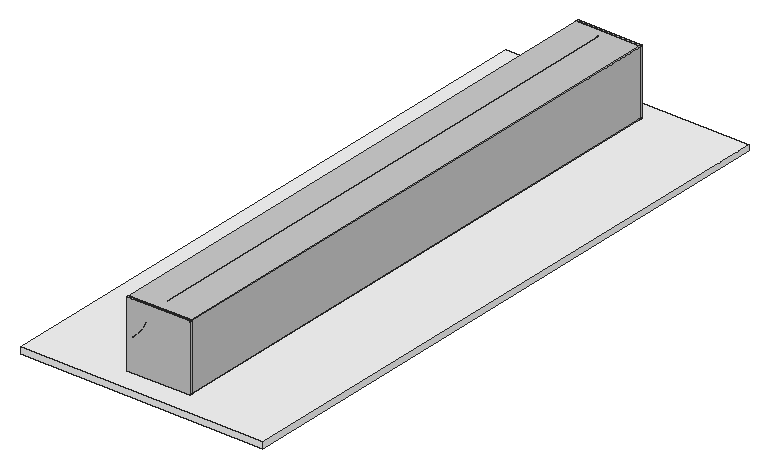
Revit family "BE_24586_de_DE", category Leuchten, Revit 2020
Family settings
  Basisbauteil = Fläche
  Bemaßung runder Anschluss = Durchmesser verwenden
  Teiletyp = Normal
  Beim Laden mit Abzugskörper schneiden = Ja
  Lichtquelle = Ja
  Gemeinsam genutzt = Nein
  Raumberechnungspunkt = Ja
Parameters (values of type "BEGA_24586_Silber_K4")
  built-in parameter 1150104 = 16.579 (stored number, unit not read)
  Wattage = 39 W
  Default Elevation = 0 mm
  built-in parameter 1150113 = 1 (stored number, unit not read)
  built-in parameter 1114218 = 1 (stored number, unit not read)
  Umgebungstemperatur = "25 °C"
  URL = "https://www.bega.com/de/produkt/24586"
  Typenkommentare = "© 2022 BEGA. Wir behalten uns das Recht vor, technische Änderungen ohne vorherige Ankündigung vorzunehmen."  # constant formula
  built-in parameter 1150134 = 12
  built-in parameter 1150109 = 1 (stored number, unit not read)
  Strom = ""
  built-in parameter 1150110 = 1 (stored number, unit not read)
  Spannung = 239.996 V
  Sonderanfertigung = no
  Seriennummer [instance] = "Hier können Sie die eindeutige Seriennummer für das Facility Management eintragen."
  Schutzklasse = "I"
  Schutzart = "IP 65"
  Scheinlast = 0 VA
  Produktdatenblatt = "https://cdn.bega.com/bega/products/24586K3/current/documents/data-sheets/de"
  Oberflächentemperatur = ""
  Neigungswinkel = 0.00°
  Modell = "24586AK4"
  Material_17 = BEGA_Reflektor
  Material_15 = BEGA_Leuchtmedium_matt
  Material_09 = BEGA_Glas_klar
  Material_06 = BEGA_Oberfläche_Edelstahl_gebürstet
  Material_05 = BEGA_Oberfläche_Aluminium Guss
  Material_02 = BEGA_Oberfläche_Silber_matt
  Material_01 [instance] = BEGA_Oberfläche_Grafit_matt
  M_W = no
  M_G = no
  M_A = yes
  Logo = 0
  built-in parameter 1114217 = 1 (stored number, unit not read)
  built-in parameter 1150139 = (empty or 0)
  built-in parameter 1150105 = 553.85 (stored number, unit not read)
  built-in parameter 1150114 = 1 (stored number, unit not read)
  Lumens = 6959.94 lm
  built-in parameter 1150115 = 1 (stored number, unit not read)
  Leuchtenlichtstrom = "3564 lm"
  Leuchtenanzahl = ""
  Lebensdauerkriterien = "L70B50 @ 25 °C = 200000 h"
  Lastklassifizierung = Beleuchtung
  built-in parameter 1150112 = 1 (stored number, unit not read)
  Lampenlichtstrom = "6960 lm"
  Lampe = "LED 34.8 W"
  LED_Modulbezeichnung = "3x LED-1204/840"
  built-in parameter 1150142 = (empty or 0)
  Hersteller = "BEGA"  # constant formula
  Halbstreuwinkel = ""
  Gewicht = "8.6 kg"
  Gebrauchslageneinschränkung [instance] = ""
  Frequenz = "0/50-60 Hz"
  Farbwiedergabeindex = "CRI > 80"
  Farbtemperaturverschiebung bei Dämpfen der Lampe = <Keine Auswahl>
  Farbtemperatur = "4000 K"
  Color Filter = 16777215
  built-in parameter 1150133 = 10 (stored number, unit not read)
  Energieeffizienzklasse = "LED A++ - A"
  built-in parameter 1150137 = (empty or 0)
  built-in parameter 1150132 = (empty or 0)
  ENEC = ""
  Dimmbar [instance] = "DALI"
  Datei für fotometrisches Netz = "BE_24586K4.IES"
  CE_Konformität = "ja"
  Bestellnummer = "24586AK4"
  Beschreibung_Sonderanfertigung = "Hier können Sie Informationen zur Sonderanfertigung eintragen."
  Beschreibung = "Wandleuchte"
  built-in parameter 1150106 = 5.5385 (stored number, unit not read)
  Befestigungsbohrung = "Ø 7 mm"
  Befestigungsabstand = "850 mm"
  BEGA_Intern_aus = yes
  BEGA_Intern_an = yes
  BEGA_Intern_Konstruktion = yes
  BEGA_Intern = yes
  BEGA_IES = yes
  BEGA_Dummy = no
  Anschlussleitung = ""
  Anschlussleistung [instance] = "39 W"
  Anschlusskasten = ""
  built-in parameter 1150107 = 4000 (stored number, unit not read)
  built-in parameter 1150102 = (empty or 0)
  built-in parameter 1150138 = (empty or 0)
  Aktualisierung = "2022-05-18T04:00:07"
  Abstand_zur_angestrahlten_Fläche [instance] = ""
  AC/DC = "AC/DC"
Types (4, lengths in mm): name | built-in parameter 1150104 | built-in parameter 1150134 | Modell | M_G | M_A | built-in parameter 1150105 | Lumens | Leuchtenlichtstrom | Lampenlichtstrom | LED_Modulbezeichnung | Farbtemperatur | Datei für fotometrisches Netz | Bestellnummer | built-in parameter 1150106 | built-in parameter 1150107
  BEGA_24586_Grafit_K4 | 16.579 (stored number, unit not read) | 12 | "24586K4" | yes | no | 553.85 (stored number, unit not read) | 6959.94 lm | "3564 lm" | "6960 lm" | "3x LED-1204/840" | "4000 K" | "BE_24586K4.IES" | "24586K4" | 5.5385 (stored number, unit not read) | 4000 (stored number, unit not read)
  BEGA_24586_Grafit_K3 | 16.115 (stored number, unit not read) | (empty or 0) | "24586K3" | yes | no | 538.34 (stored number, unit not read) | 6764.94 lm | "3464 lm" | "6765 lm" | "3x LED-1204/830" | "3000 K" | "BE_24586K3.IES" | "24586K3" | 5.3834 (stored number, unit not read) | 3000 (stored number, unit not read)
  BEGA_24586_Silber_K3 | 16.115 (stored number, unit not read) | (empty or 0) | "24586AK3" | no | yes | 538.34 (stored number, unit not read) | 6764.94 lm | "3464 lm" | "6765 lm" | "3x LED-1204/830" | "3000 K" | "BE_24586K3.IES" | "24586AK3" | 5.3834 (stored number, unit not read) | 3000 (stored number, unit not read)
  BEGA_24586_Silber_K4 | 16.579 (stored number, unit not read) | 12 | "24586AK4" | no | yes | 553.85 (stored number, unit not read) | 6959.94 lm | "3564 lm" | "6960 lm" | "3x LED-1204/840" | "4000 K" | "BE_24586K4.IES" | "24586AK4" | 5.5385 (stored number, unit not read) | 4000 (stored number, unit not read)
Reference planes
  plane 1 "Mitte (Vorne/Hinten)": y = 0
  plane 2: z = 0
  plane 3 "Mitte (Links/Rechts)": x = 0
  plane 4 "Links": x = -52.5
  plane 5 "Rechts": x = 52.5
  plane 6 "Unten": y = -465.2
  plane 7 "Oben": y = 465
  plane 8 "Vorne": z = 110.782
  plane 9 "Hinten": z = 0
Forms (mm)
  Extrusion 1, solid, material "BEGA_Platte_Weiss"
    sketch origin (0, -1119.2, 0) x (1, 0, 0) y (0, 1, 0)
      loop
        line (-200, 1619.2) -> (-200, 619.2) -> (200, 619.2) -> (200, 1619.2) -> (-200, 1619.2)
    from 0 to -10
  Extrusion 2, solid, material "BEGA_Dummy_matt", visible <- "BEGA_Dummy"
    sketch origin (80.095, -76.023, 0) x (1, 0, 0) y (0, 1, 0)
      loop
        line (-132.595, 541.15) -> (-132.595, -389.177) -> (-27.595, -389.177) -> (-27.595, 541.15) -> (-132.595, 541.15)
    from 0 to 110.782
Dimensions and locks
  plane 1 "Mitte (Vorne/Hinten)" to Extrusion 1 = 500 mm
  aligned and locked: plane 2 to Extrusion 1
  aligned and locked: level to Extrusion 1
Nested families
  nested 1: "BE_24586" at (0, 0, 0), type "BE_24586"
Connectors
  electrical at (0, 0, 0), driven by "Lastklassifizierung", driven by "Spannung", driven by "Scheinlast"
    settings: index 1, voltage 239.996 V, apparent load 0 VA, apparent load phase1 0 VA, apparent load phase2 0 VA, apparent load phase3 0 VA, power factor 1, load classification "Beleuchtung", number of poles 1, system type 31, power factor state 1, is connector primary yes, connector utility no, sub classification motor no, connector description ""
Definition of nested family "BE_24586"
  Parameters (values of type "BE_24586")
    Default Elevation = 1 mm
    URL = "http://www.bega.de/de/produkt"
    Type Comments = "© 2015 BEGA. Wir behalten uns das Recht vor, technische Änderungen ohne vorherige Ankündigung vorzunehmen. "  # constant formula
    Type Image = (empty or 0)
    Material_17 = none
    Material_15 = none
    Material_09 = none
    Material_06 = none
    Material_05 = none
    Material_02 = none
    Material_01 = none
    M_W = yes
    M_G = yes
    M_A = yes
    Länge_Platte = 200 mm  # constant formula
    Höhe_Platte = -10 mm  # constant formula
    Manufacturer = "BEGA"  # constant formula
    Breite_Platte = 1000 mm  # constant formula
  Reference planes
    plane 1 "Mitte (Oben/Unten)": y = 0
    plane 2: z = 0
    plane 3 "Mitte (Links/Rechts)": x = 0
    plane 4: x = -52.4
    plane 5: x = 52.5
    plane 6: z = 110.782
    plane 7: y = -465.2
    plane 8: y = 465.127
  Forms (mm)
    Extrusion 1, solid, detail levels medium
      sketch origin (0, 0, 0) x (1, 0, 0) y (0, 1, 0)
        loop
          line (-100, 500) -> (-100, -500) -> (100, -500) -> (100, 500) -> (-100, 500)
      from 0 to -10 <- "Höhe_Platte"
    Extrusion 2, solid, material <- "Material_01", visible <- "M_G"
      sketch origin (0, 0, 0) x (1, 0, 0) y (0, 0, 1)
        loop
          arc (-51.5, 110.782) -> (-52.207, 110.489) -> (-52.5, 109.782) r 1
          line (-52.5, 109.782) -> (-52.5, 97.782) -> (-52.5, 48.382) -> (-52.5, 2.782)
          arc (-52.5, 2.782) -> (-52.207, 2.074) -> (-51.5, 1.782) r 1
          line (-51.5, 1.782) -> (-33.514, 1.782) -> (-33.18, 11.348)
          arc (-33.18, 11.348) -> (-31.659, 14.776) -> (-28.183, 16.182) r 5
          line (-28.183, 16.182) -> (28.183, 16.182)
          arc (28.183, 16.182) -> (31.659, 14.776) -> (33.18, 11.348) r 5
          line (33.18, 11.348) -> (33.514, 1.782) -> (51.5, 1.782)
          arc (51.5, 1.782) -> (52.207, 2.074) -> (52.5, 2.782) r 1
          line (52.5, 2.782) -> (52.5, 109.782)
          arc (52.5, 109.782) -> (52.207, 110.489) -> (51.5, 110.782) r 1
          line (51.5, 110.782) -> (-51.5, 110.782)
        loop
          line (-46.5, 49.782) -> (-42.5, 49.782) -> (-12.495, 49.782) -> (-12.495, 103.782) -> (-46.5, 103.782) -> (-46.5, 49.782)
      from -462.001 to 462.001
    Extrusion 3, solid, material <- "Material_01"
      sketch origin (0, 0, 0) x (1, 0, 0) y (0, 0, 1)
        loop
          line (-28.204, 4.046) -> (-24.895, 0.737)
          arc (-24.895, 0.737) -> (-24.083, 0.192) -> (-23.123, 0) r 2.5
          line (-23.123, 0) -> (23.394, 0)
          arc (23.394, 0) -> (24.354, 0.192) -> (25.166, 0.737) r 2.5
          line (25.166, 0.737) -> (28.476, 4.046)
          arc (28.476, 4.046) -> (28.768, 4.753) -> (28.476, 5.46) r 1
          line (28.476, 5.46) -> (26.436, 7.5) -> (28.476, 9.54)
          arc (28.476, 9.54) -> (28.768, 10.247) -> (28.476, 10.954) r 1
          line (28.476, 10.954) -> (27.773, 11.657)
          arc (27.773, 11.657) -> (27.068, 11.954) -> (26.359, 11.666) r 1
          line (26.359, 11.666) -> (24.372, 9.679)
          arc (24.372, 9.679) -> (23.827, 8.867) -> (23.636, 7.907) r 2.5
          line (23.636, 7.907) -> (23.636, 3.8)
          arc (23.636, 3.8) -> (23.343, 3.093) -> (22.636, 2.8) r 1
          line (22.636, 2.8) -> (15.136, 2.8) -> (-22.364, 2.8)
          arc (-22.364, 2.8) -> (-23.072, 3.093) -> (-23.364, 3.8) r 1
          line (-23.364, 3.8) -> (-23.364, 7.907)
          arc (-23.364, 7.907) -> (-23.555, 8.864) -> (-24.097, 9.675) r 2.5
          line (-24.097, 9.675) -> (-26.088, 11.666)
          arc (-26.088, 11.666) -> (-26.793, 11.954) -> (-27.497, 11.661) r 1
          line (-27.497, 11.661) -> (-28.204, 10.954)
          arc (-28.204, 10.954) -> (-28.497, 10.25) -> (-28.209, 9.544) r 1
          line (-28.209, 9.544) -> (-26.164, 7.5) -> (-28.209, 5.456)
          arc (-28.209, 5.456) -> (-28.497, 4.75) -> (-28.204, 4.046) r 1
      from -455 to 455
    Extrusion 4, void
      sketch origin (0, 0, 0) x (1, 0, 0) y (0, 1, 0)
        loop
          arc (15, 100) -> (0, 115) -> (-15, 100) r 15
          line (-15, 100) -> (-15, -100)
          arc (-15, -100) -> (0, -115) -> (15, -100) r 15
          line (15, -100) -> (15, 100)
        loop
          arc (3.5, -420) -> (0, -416.5) -> (-3.5, -420) r 3.5
          line (-3.5, -420) -> (-3.5, -430)
          arc (-3.5, -430) -> (0, -433.5) -> (3.5, -430) r 3.5
          line (3.5, -430) -> (3.5, -420)
        loop
          line (-5, 421.5) -> (5, 421.5)
          arc (5, 421.5) -> (8.5, 425) -> (5, 428.5) r 3.5
          line (5, 428.5) -> (-5, 428.5)
          arc (-5, 428.5) -> (-8.5, 425) -> (-5, 421.5) r 3.5
      from 0 to 2.8
    Extrusion 5, solid, material <- "Material_09"
      sketch origin (0, 0, 0) x (1, 0, 0) y (0, 0, 1)
        loop
          line (-52.4, 95.782) -> (-52.4, 50.282) -> (-48.4, 50.282) -> (-48.4, 95.782) -> (-52.4, 95.782)
      from -450.614 to 450
    Blend 6, void
      base sketch origin (0, 0, 0) x (0, 1, 0) y (0, 0, 1)
        loop
          line (-452, 97.782) -> (-452, 48.382) -> (452, 48.382) -> (452, 97.782) -> (-452, 97.782)
      top sketch origin (0, 0, 0) x (0, 1, 0) y (0, 0, 1)
        loop
          line (450.614, 96.398) -> (-450.614, 96.398) -> (-450.614, 49.765) -> (450.614, 49.765) -> (450.614, 96.398)
      from -52.5 to -48.2
    Extrusion 7, void
      sketch origin (0, 0, 0) x (0, 1, 0) y (0, 0, 1)
        loop
          line (452.001, 93.398) -> (-443.75, 93.398) -> (-443.75, 52.765) -> (452.001, 52.765) -> (452.001, 93.398)
      from -48.2 to -46.5
    Extrusion 8, solid, material <- "Material_01", visible <- "M_G"
      sketch origin (0, 0, 0) x (1, 0, 0) y (0, 0, 1)
        loop
          line (51.5, 110.782) -> (-51.5, 110.782)
          arc (-51.5, 110.782) -> (-52.207, 110.489) -> (-52.5, 109.782) r 1
          line (-52.5, 109.782) -> (-52.5, 2.782)
          arc (-52.5, 2.782) -> (-52.207, 2.074) -> (-51.5, 1.782) r 1
          line (-51.5, 1.782) -> (51.5, 1.782)
          arc (51.5, 1.782) -> (52.207, 2.074) -> (52.5, 2.782) r 1
          line (52.5, 2.782) -> (52.5, 109.782)
          arc (52.5, 109.782) -> (52.207, 110.489) -> (51.5, 110.782) r 1
      from 462.001 to 465.2
    Extrusion 9, solid, material <- "Material_01", visible <- "M_G"
      sketch origin (0, 0, 0) x (1, 0, 0) y (0, 0, -1)
        loop
          arc (51.5, -110.782) -> (52.207, -110.489) -> (52.5, -109.782) r 1
          line (52.5, -109.782) -> (52.5, -2.782)
          arc (52.5, -2.782) -> (52.207, -2.074) -> (51.5, -1.782) r 1
          line (51.5, -1.782) -> (-51.5, -1.782)
          arc (-51.5, -1.782) -> (-52.207, -2.074) -> (-52.5, -2.782) r 1
          line (-52.5, -2.782) -> (-52.5, -109.782)
          arc (-52.5, -109.782) -> (-52.207, -110.489) -> (-51.5, -110.782) r 1
          line (-51.5, -110.782) -> (51.5, -110.782)
      from 462.001 to 465.127
    Extrusion 10, solid, material <- "Material_17"
      sketch origin (0, 0, 0) x (1, 0, 0) y (0, 0, 1)
        loop
          arc (-45.129, 52.146) -> (-26.285, 73.475) -> (-15.992, 100.01) r 80.903
          line (-15.992, 100.01) -> (-16.325, 100.876)
          arc (-16.325, 100.876) -> (-26.687, 73.809) -> (-45.942, 52.146) r 80.724
          line (-45.942, 52.146) -> (-45.129, 52.146)
      from -462.001 to 462.001
    Extrusion 11, solid, material <- "Material_15"
      sketch origin (-0.351, 0, -0.128) x (1, 0, 0) y (0, 0, 1)
        loop
          line (-24.18, 98.662) -> (-24.71, 100.119) -> (-43.034, 93.45) -> (-42.504, 91.993) -> (-24.18, 98.662)
      from 156.699 to 455
    Extrusion 12, solid, material <- "Material_05"
      sketch origin (0, 0, 0) x (1, 0, 0) y (0, 0, 1)
        loop
          arc (-41.911, 81.62) -> (-41.653, 81.338) -> (-41.27, 81.321) r 0.5
          line (-41.27, 81.321) -> (-39.863, 81.833)
          arc (-39.863, 81.833) -> (-39.579, 82.092) -> (-39.562, 82.475) r 0.5
          line (-39.562, 82.475) -> (-43.495, 93.282) -> (-22.34, 100.982) -> (-18.295, 100.982) -> (-18.295, 99.282)
          arc (-18.295, 99.282) -> (-17.925, 98.799) -> (-17.362, 99.032) r 0.5
          line (-17.362, 99.032) -> (-16.755, 100.084)
          arc (-16.755, 100.084) -> (-16.666, 100.617) -> (-16.145, 100.759) r 0.5
          arc (-16.145, 100.759) -> (-15.7, 100.685) -> (-15.495, 100.282) r 0.5
          line (-15.495, 100.282) -> (-15.495, 103.782) -> (-43.545, 103.782) -> (-43.545, 96.982)
          arc (-43.545, 96.982) -> (-43.892, 96.224) -> (-44.696, 95.971) r 1
          arc (-44.696, 95.971) -> (-45.497, 95.739) -> (-45.845, 94.982) r 1
          line (-45.845, 94.982) -> (-45.845, 92.427) -> (-41.911, 81.62)
      from -462.001 to 462.001
    Extrusion 13, void
      sketch origin (0, 0, 0) x (0, 1, 0) y (0, 0, 1)
        loop
          circle (439, 7.182) r 2.75
        loop
          circle (-439, 7.182) r 2.75
      from -52.5 to -32.811
    Revolve 14, solid, material <- "Material_06"
      sketch origin (0, -439, 0) x (1, 0, 0) y (0, 0, 1)
        loop
          line (-45, 7.182) -> (-26.5, 7.182) -> (-29.5, 10.182) -> (-45, 10.182) -> (-45, 7.182)
        axis (-26.5, 7.182) -> (-45, 7.182)
      angle from 0 to 360
    Revolve 15, solid, material <- "Material_06"
      sketch origin (0, 439, 0) x (1, 0, 0) y (0, 0, -1)
        loop
          line (-45, -7.182) -> (-45, -10.182) -> (-29.5, -10.182) -> (-26.5, -7.182) -> (-45, -7.182)
        axis (-26.5, -7.182) -> (-45, -7.182)
      angle from 0 to 360
    Extrusion 16, solid, material <- "Material_01"
      sketch origin (0, 0, 0) x (0, 1, 0) y (0, 0, 1)
        loop
          line (450.614, 95.782) -> (-450, 95.782) -> (-450, 50.282) -> (450.614, 50.282) -> (450.614, 95.782)
        loop
          line (-445.5, 54.782) -> (446.114, 54.782) -> (446.114, 91.282) -> (-445.5, 91.282) -> (-445.5, 54.782)
      from -48.4 to -47.909
    Extrusion 17, solid, material <- "Material_02", visible <- "M_A"
      sketch origin (0, 0, 0) x (1, 0, 0) y (0, 0, 1)
        loop
          arc (-51.5, 110.782) -> (-52.207, 110.489) -> (-52.5, 109.782) r 1
          line (-52.5, 109.782) -> (-52.5, 97.782) -> (-52.5, 48.382) -> (-52.5, 2.782)
          arc (-52.5, 2.782) -> (-52.207, 2.074) -> (-51.5, 1.782) r 1
          line (-51.5, 1.782) -> (-33.514, 1.782) -> (-33.18, 11.348)
          arc (-33.18, 11.348) -> (-31.659, 14.776) -> (-28.183, 16.182) r 5
          line (-28.183, 16.182) -> (28.183, 16.182)
          arc (28.183, 16.182) -> (31.659, 14.776) -> (33.18, 11.348) r 5
          line (33.18, 11.348) -> (33.514, 1.782) -> (51.5, 1.782)
          arc (51.5, 1.782) -> (52.207, 2.074) -> (52.5, 2.782) r 1
          line (52.5, 2.782) -> (52.5, 109.782)
          arc (52.5, 109.782) -> (52.207, 110.489) -> (51.5, 110.782) r 1
          line (51.5, 110.782) -> (-51.5, 110.782)
        loop
          line (-46.5, 49.782) -> (-42.5, 49.782) -> (-12.495, 49.782) -> (-12.495, 103.782) -> (-46.5, 103.782) -> (-46.5, 49.782)
      from -462.001 to 462.001
    Extrusion 18, solid, material <- "Material_02", visible <- "M_A"
      sketch origin (0, 0, 0) x (1, 0, 0) y (0, 0, -1)
        loop
          arc (51.5, -110.782) -> (52.207, -110.489) -> (52.5, -109.782) r 1
          line (52.5, -109.782) -> (52.5, -2.782)
          arc (52.5, -2.782) -> (52.207, -2.074) -> (51.5, -1.782) r 1
          line (51.5, -1.782) -> (-51.5, -1.782)
          arc (-51.5, -1.782) -> (-52.207, -2.074) -> (-52.5, -2.782) r 1
          line (-52.5, -2.782) -> (-52.5, -109.782)
          arc (-52.5, -109.782) -> (-52.207, -110.489) -> (-51.5, -110.782) r 1
          line (-51.5, -110.782) -> (51.5, -110.782)
      from 462.001 to 465.127
    Extrusion 19, solid, material <- "Material_02", visible <- "M_A"
      sketch origin (0, 0, 0) x (1, 0, 0) y (0, 0, 1)
        loop
          line (51.5, 110.782) -> (-51.5, 110.782)
          arc (-51.5, 110.782) -> (-52.207, 110.489) -> (-52.5, 109.782) r 1
          line (-52.5, 109.782) -> (-52.5, 2.782)
          arc (-52.5, 2.782) -> (-52.207, 2.074) -> (-51.5, 1.782) r 1
          line (-51.5, 1.782) -> (51.5, 1.782)
          arc (51.5, 1.782) -> (52.207, 2.074) -> (52.5, 2.782) r 1
          line (52.5, 2.782) -> (52.5, 109.782)
          arc (52.5, 109.782) -> (52.207, 110.489) -> (51.5, 110.782) r 1
      from 462.001 to 465.2
    Extrusion 20, solid, material <- "Material_15"
      sketch origin (-0.351, 0, -0.128) x (1, 0, 0) y (0, 0, -1)
        loop
          line (-24.18, -98.662) -> (-42.504, -91.993) -> (-43.034, -93.45) -> (-24.71, -100.119) -> (-24.18, -98.662)
      from 156.699 to 455
    Extrusion 21, solid, material <- "Material_15"
      sketch origin (-0.351, -305, -0.128) x (1, 0, 0) y (0, 0, -1)
        loop
          line (-24.18, -98.662) -> (-42.504, -91.993) -> (-43.034, -93.45) -> (-24.71, -100.119) -> (-24.18, -98.662)
      from 156.699 to 455
  Cuts and joins
    Extrusion 4, Blend 6, Extrusion 7, Extrusion 13 cuts Extrusion 2
    Extrusion 4, Extrusion 13 cuts Extrusion 3
    Blend 6, Extrusion 7, Extrusion 13 cuts Extrusion 17
  Dimensions and locks
    equal spacing: Extrusion 1 sketch curve, plane 3 "Mitte (Links/Rechts)", Extrusion 1 sketch curve
    equal spacing: Extrusion 1 sketch curve, plane 1 "Mitte (Oben/Unten)", Extrusion 1 sketch curve
    "Länge_Platte": Extrusion 1 sketch curve to Extrusion 1 sketch curve
    "Breite_Platte": Extrusion 1 sketch curve to Extrusion 1 sketch curve
    aligned and locked: Extrusion 1 to plane 2
    aligned and locked: level to Extrusion 1
  Automatic sketch dimensions
    Extrusion 2 sketch curve to plane 6 = 0 mm
    Extrusion 2 sketch curve to plane 5 = 0 mm
    Extrusion 2 sketch curve to plane 5 = 1 mm  (x2)
    level to Extrusion 2 sketch curve = 1.782 mm  (x2)
    Extrusion 2 sketch curve to Extrusion 2 sketch curve = 17.986 mm
    level to Extrusion 2 sketch curve = 11.348 mm  (x2)
    Extrusion 2 sketch curve to Extrusion 2 sketch curve = 0.334 mm  (x2)
    Extrusion 2 sketch curve to Extrusion 2 sketch curve = 4.997 mm  (x2)
    Extrusion 2 sketch curve to plane 3 "Mitte (Links/Rechts)" = 12.495 mm
    Extrusion 2 sketch curve to plane 4 = 24.217 mm
    Extrusion 2 sketch curve to plane 4 = 9.9 mm
    Extrusion 2 sketch curve to plane 4 = 5.9 mm
    Extrusion 2 sketch curve to plane 4 = 0.9 mm  (x2)
    plane 4 to Extrusion 2 sketch curve = 0.1 mm
    Extrusion 2 sketch curve to Extrusion 2 sketch curve = 0.167 mm
    Extrusion 2 sketch curve to Extrusion 2 sketch curve = 32.2 mm
    Extrusion 2 sketch curve to Extrusion 2 sketch curve = 1.4 mm
    Extrusion 2 sketch curve to Extrusion 2 sketch curve = 12 mm
    Extrusion 2 sketch curve to plane 6 = 7 mm
    Extrusion 3 sketch curve to level = 0 mm
    level to Extrusion 3 sketch curve = 5.456 mm
    Extrusion 3 sketch curve to plane 4 = 24.191 mm
    level to Extrusion 3 sketch curve = 9.544 mm
    Extrusion 3 sketch curve to Extrusion 3 sketch curve = 0 mm  (x10)
    Extrusion 3 sketch curve to Extrusion 3 sketch curve = 0.712 mm  (x4)
    Extrusion 3 sketch curve to Extrusion 3 sketch curve = 0.707 mm  (x9)
    level to Extrusion 3 sketch curve = 11.666 mm  (x2)
    Extrusion 3 sketch curve to Extrusion 3 sketch curve = 0.703 mm  (x5)
    Extrusion 3 sketch curve to Extrusion 3 sketch curve = 0.3 mm  (x2)
    level to Extrusion 3 sketch curve = 0.737 mm  (x2)
    Extrusion 3 sketch curve to Extrusion 3 sketch curve = 2.602 mm
    Extrusion 3 sketch curve to Extrusion 3 sketch curve = 2.5 mm
    Extrusion 3 sketch curve to Extrusion 3 sketch curve = 0.241 mm
    Extrusion 3 sketch curve to Extrusion 3 sketch curve = 1 mm  (x2)
    level to Extrusion 3 sketch curve = 2.8 mm
    plane 3 "Mitte (Links/Rechts)" to Extrusion 3 sketch curve = 15.136 mm
    Extrusion 3 sketch curve to Extrusion 3 sketch curve = 7.5 mm
    Extrusion 3 sketch curve to Extrusion 3 sketch curve = 0.759 mm
    level to Extrusion 3 sketch curve = 9.679 mm
    Extrusion 3 sketch curve to Extrusion 3 sketch curve = 0.737 mm
    Extrusion 3 sketch curve to Extrusion 3 sketch curve = 1.772 mm
    Extrusion 3 sketch curve to Extrusion 3 sketch curve = 1.763 mm
    Extrusion 3 sketch curve to Extrusion 3 sketch curve = 1.986 mm
    level to Extrusion 3 sketch curve = 7.5 mm
    Extrusion 3 sketch curve to Extrusion 3 sketch curve = 1.333 mm
    level to Extrusion 3 sketch curve = 11.657 mm
    Extrusion 3 sketch curve to Extrusion 3 sketch curve = 2.747 mm
    Extrusion 3 sketch curve to Extrusion 3 sketch curve = 2.044 mm
    Extrusion 3 sketch curve to Extrusion 3 sketch curve = 0.407 mm
    level to Extrusion 3 sketch curve = 4.046 mm  (x2)
    level to Extrusion 3 sketch curve = 10.954 mm  (x2)
    level to Extrusion 3 sketch curve = 11.661 mm
    Extrusion 3 sketch curve to Extrusion 3 sketch curve = 0.732 mm
    level to Extrusion 3 sketch curve = 9.675 mm
    level to Extrusion 3 sketch curve = 9.54 mm
    level to Extrusion 3 sketch curve = 5.46 mm
    Extrusion 4 sketch curve to plane 3 "Mitte (Links/Rechts)" = 0 mm  (x2)
    Extrusion 4 sketch curve to Extrusion 4 sketch curve = 3.5 mm  (x2)
    Extrusion 4 sketch curve to plane 3 "Mitte (Links/Rechts)" = 5 mm
    Extrusion 4 sketch curve to Extrusion 4 sketch curve = 15 mm
    plane 3 "Mitte (Links/Rechts)" to Extrusion 4 sketch curve = 5 mm
    Extrusion 4 sketch curve to plane 7 = 35.2 mm
    Extrusion 4 sketch curve to Extrusion 4 sketch curve = 10 mm
    plane 1 "Mitte (Oben/Unten)" to Extrusion 4 sketch curve = 100 mm
    Extrusion 4 sketch curve to plane 1 "Mitte (Oben/Unten)" = 100 mm
    Extrusion 4 sketch curve to Extrusion 4 sketch curve = 321.5 mm
    Extrusion 4 sketch curve to Extrusion 4 sketch curve = 0 mm
    plane 4 to Extrusion 5 sketch curve = 0 mm
    Extrusion 5 sketch curve to plane 4 = 4 mm
    level to Extrusion 5 sketch curve = 50.282 mm
    Extrusion 5 sketch curve to plane 6 = 15 mm
    Blend 6 sketch curve to plane 7 = 13.2 mm
    plane 8 to Blend 6 sketch curve = 13.127 mm
    level to Blend 6 sketch curve = 48.381 mm
    Blend 6 sketch curve to plane 6 = 13 mm
    Blend 6 sketch curve to plane 7 = 14.586 mm
    plane 8 to Blend 6 sketch curve = 14.512 mm
    level to Blend 6 sketch curve = 49.765 mm
    Blend 6 sketch curve to plane 6 = 14.383 mm
    Extrusion 7 sketch curve to plane 7 = 21.45 mm
    plane 8 to Extrusion 7 sketch curve = 13.126 mm
    level to Extrusion 7 sketch curve = 52.765 mm
    Extrusion 7 sketch curve to plane 6 = 17.383 mm
    Extrusion 8 sketch curve to plane 6 = 0 mm
    Extrusion 8 sketch curve to plane 5 = 0 mm
    Extrusion 8 sketch curve to plane 5 = 1 mm  (x2)
    Extrusion 8 sketch curve to plane 4 = 0.9 mm  (x2)
    plane 4 to Extrusion 8 sketch curve = 0.1 mm
    level to Extrusion 8 sketch curve = 2.782 mm
    Extrusion 9 sketch curve to plane 6 = 0 mm
    Extrusion 9 sketch curve to plane 5 = 0 mm
    Extrusion 9 sketch curve to plane 5 = 1 mm  (x2)
    Extrusion 9 sketch curve to plane 4 = 0.9 mm  (x2)
    plane 4 to Extrusion 9 sketch curve = 0.1 mm
    level to Extrusion 9 sketch curve = 2.782 mm
    plane 6 to Extrusion 10 sketch curve = 4.954 mm
    plane 4 to Extrusion 10 sketch curve = 43.269 mm
    Extrusion 10 sketch curve to Extrusion 10 sketch curve = 0.279 mm
    Extrusion 10 sketch curve to plane 4 = 6.458 mm
    Extrusion 10 sketch curve to Extrusion 10 sketch curve = 0.813 mm
    Extrusion 10 sketch curve to plane 3 "Mitte (Links/Rechts)" = 16.325 mm
    Extrusion 10 sketch curve to plane 6 = 10.772 mm
    Extrusion 10 sketch curve to Extrusion 10 sketch curve = 0.333 mm
    level to Extrusion 10 sketch curve = 52.146 mm
    Extrusion 11 sketch curve to plane 4 = 9.015 mm
    Extrusion 11 sketch curve to Extrusion 11 sketch curve = 0.53 mm  (x2)
    Extrusion 11 sketch curve to plane 6 = 10.79 mm
    Extrusion 11 sketch curve to Extrusion 11 sketch curve = 18.324 mm
    Extrusion 11 sketch curve to Extrusion 11 sketch curve = 1.457 mm  (x2)
    Extrusion 11 sketch curve to plane 6 = 17.46 mm
    Extrusion 12 sketch curve to plane 4 = 6.555 mm
    Extrusion 12 sketch curve to Extrusion 12 sketch curve = 1 mm  (x2)
    Extrusion 12 sketch curve to Extrusion 12 sketch curve = 0.3 mm  (x2)
    Extrusion 12 sketch curve to Extrusion 12 sketch curve = 1.349 mm
    Extrusion 12 sketch curve to plane 4 = 10.958 mm
    Extrusion 12 sketch curve to Extrusion 12 sketch curve = 1.41 mm
    Extrusion 12 sketch curve to Extrusion 12 sketch curve = 0.169 mm
    Extrusion 12 sketch curve to plane 6 = 9.8 mm
    Extrusion 12 sketch curve to Extrusion 12 sketch curve = 21.205 mm
    Extrusion 12 sketch curve to Extrusion 12 sketch curve = 4.044 mm
    Extrusion 12 sketch curve to Extrusion 12 sketch curve = 0.5 mm  (x2)
    Extrusion 12 sketch curve to plane 6 = 11.75 mm
    Extrusion 12 sketch curve to Extrusion 12 sketch curve = 0.433 mm
    Extrusion 12 sketch curve to Extrusion 12 sketch curve = 0.608 mm
    Extrusion 12 sketch curve to Extrusion 12 sketch curve = 0.459 mm
    Extrusion 12 sketch curve to plane 6 = 13.8 mm
    Extrusion 12 sketch curve to Extrusion 12 sketch curve = 2 mm
    Extrusion 12 sketch curve to Extrusion 12 sketch curve = 1.7 mm
    Extrusion 12 sketch curve to Extrusion 12 sketch curve = 0.855 mm
    Extrusion 12 sketch curve to Extrusion 12 sketch curve = 10.977 mm
    Extrusion 12 sketch curve to Extrusion 12 sketch curve = 0.471 mm
    Extrusion 12 sketch curve to Extrusion 12 sketch curve = 0.513 mm
    Extrusion 12 sketch curve to Extrusion 12 sketch curve = 1.052 mm
    Extrusion 12 sketch curve to Extrusion 12 sketch curve = 0.198 mm
    Extrusion 12 sketch curve to Extrusion 12 sketch curve = 0 mm  (x8)
    Extrusion 12 sketch curve to Extrusion 12 sketch curve = 6.8 mm
    Extrusion 12 sketch curve to Extrusion 12 sketch curve = 0.148 mm
    Extrusion 12 sketch curve to Extrusion 12 sketch curve = 0.003 mm
    Extrusion 12 sketch curve to Extrusion 12 sketch curve = 0.47 mm  (x2)
    Extrusion 12 sketch curve to Extrusion 12 sketch curve = 0.171 mm  (x2)
    Extrusion 12 sketch curve to Extrusion 12 sketch curve = 0.15 mm
    Revolve 14 sketch curve to plane 4 = 7.4 mm
    Revolve 14 sketch curve to Revolve 14 sketch curve = 15.5 mm
    level to Revolve 14 sketch curve = 7.182 mm
    Revolve 14 sketch curve to Revolve 14 sketch curve = 3 mm  (x2)
    Revolve 14 sketch curve to Revolve 14 sketch curve = 2 mm
    Revolve 14 sketch curve to Revolve 14 sketch curve = 1.5 mm
    Revolve 14 sketch curve to Revolve 14 sketch curve = 0 mm
    Revolve 15 sketch curve to plane 4 = 7.4 mm
    Revolve 15 sketch curve to Revolve 15 sketch curve = 15.5 mm
    level to Revolve 15 sketch curve = 7.182 mm
    Revolve 15 sketch curve to Revolve 15 sketch curve = 3 mm  (x2)
    Revolve 15 sketch curve to Revolve 15 sketch curve = 2 mm
    Revolve 15 sketch curve to Revolve 15 sketch curve = 1.5 mm
    Revolve 15 sketch curve to Revolve 15 sketch curve = 0 mm
    Extrusion 16 sketch curve to plane 7 = 15.2 mm
    Extrusion 16 sketch curve to Extrusion 16 sketch curve = 4.5 mm  (x4)
    plane 8 to Extrusion 16 sketch curve = 19.012 mm
    level to Extrusion 16 sketch curve = 50.282 mm
    Extrusion 16 sketch curve to plane 6 = 19.5 mm
    Extrusion 17 sketch curve to plane 6 = 0 mm
    Extrusion 17 sketch curve to plane 5 = 0 mm
    Extrusion 17 sketch curve to plane 5 = 1 mm  (x2)
    level to Extrusion 17 sketch curve = 1.782 mm  (x2)
    Extrusion 17 sketch curve to Extrusion 17 sketch curve = 17.986 mm
    level to Extrusion 17 sketch curve = 11.348 mm  (x2)
    Extrusion 17 sketch curve to Extrusion 17 sketch curve = 0.334 mm  (x2)
    Extrusion 17 sketch curve to Extrusion 17 sketch curve = 4.997 mm  (x2)
    Extrusion 17 sketch curve to plane 3 "Mitte (Links/Rechts)" = 12.495 mm
    Extrusion 17 sketch curve to plane 4 = 24.217 mm
    Extrusion 17 sketch curve to plane 4 = 9.9 mm
    Extrusion 17 sketch curve to plane 4 = 5.9 mm
    Extrusion 17 sketch curve to plane 4 = 0.9 mm  (x2)
    plane 4 to Extrusion 17 sketch curve = 0.1 mm
    Extrusion 17 sketch curve to Extrusion 17 sketch curve = 0.167 mm
    Extrusion 17 sketch curve to Extrusion 17 sketch curve = 32.2 mm
    Extrusion 17 sketch curve to Extrusion 17 sketch curve = 1.4 mm
    Extrusion 17 sketch curve to Extrusion 17 sketch curve = 12 mm
    Extrusion 17 sketch curve to plane 6 = 7 mm
    Extrusion 18 sketch curve to plane 6 = 0 mm
    Extrusion 18 sketch curve to plane 5 = 0 mm
    Extrusion 18 sketch curve to plane 5 = 1 mm  (x2)
    Extrusion 18 sketch curve to plane 4 = 0.9 mm  (x2)
    plane 4 to Extrusion 18 sketch curve = 0.1 mm
    level to Extrusion 18 sketch curve = 2.782 mm
    Extrusion 19 sketch curve to plane 6 = 0 mm
    Extrusion 19 sketch curve to plane 5 = 0 mm
    Extrusion 19 sketch curve to plane 5 = 1 mm  (x2)
    Extrusion 19 sketch curve to plane 4 = 0.9 mm  (x2)
    plane 4 to Extrusion 19 sketch curve = 0.1 mm
    level to Extrusion 19 sketch curve = 2.782 mm
    Extrusion 20 sketch curve to Extrusion 20 sketch curve = 0.53 mm  (x2)
    Extrusion 20 sketch curve to Extrusion 20 sketch curve = 18.324 mm
    Extrusion 20 sketch curve to Extrusion 20 sketch curve = 1.457 mm  (x2)
    Extrusion 20 sketch curve to Extrusion 20 sketch curve = 6.669 mm
    Extrusion 21 sketch curve to Extrusion 21 sketch curve = 0.53 mm  (x2)
    Extrusion 21 sketch curve to Extrusion 21 sketch curve = 18.324 mm
    Extrusion 21 sketch curve to Extrusion 21 sketch curve = 1.457 mm  (x2)
    Extrusion 21 sketch curve to Extrusion 21 sketch curve = 6.669 mm
    Extrusion 21 sketch curve to plane 4 = 9.015 mm
    Extrusion 21 sketch curve to plane 6 = 10.79 mm
